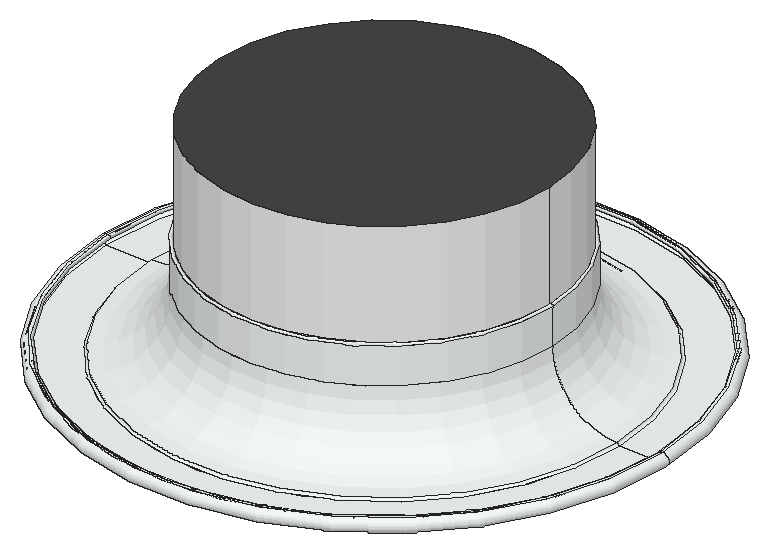
Revit family "HVAC_Ductwork_Airzone_Round-Diffuser_DFCI1", category Air Terminals, Revit 2016
Family settings
  Part Type = Normal
  Round Connector Dimension = Use Diameter
  OmniClass Number = 23.75.70.21.27.11
  OmniClass Title = Diffusers, Registers, and Grilles
  Work Plane-Based = No
  Always vertical = Yes
  Cut with Voids When Loaded = No
  Shared = No
  Room Calculation Point = Yes
Parameters (values of type "INVALID TYPE - Use Load Family and Type Catalog instead")
  c8 = -0.8079  # constant formula
  c7 = 0.01485  # constant formula
  c6 = -6.299  # constant formula
  c5 = 82.34  # constant formula
  c4 = -77.45  # constant formula
  c3 = -153.1  # constant formula
  c2 = -3.153  # constant formula
  c1 = 0.001601  # constant formula
  Velocity [instance] = (Q / (36 * Ak)) * 1.0 m/s  # 2.97619 m/s
  URL = "www.airzone.es"
  Type Image Comments = "Image available in product documentation download"  # constant formula
  Throw Distance [instance] = round((c7 * (Ak ^ c8) * Q) * 1000) * 1.000 mm  # 1697.000 mm
  Sound Level in dB(A) [instance] = round((c3 + (c4 * log(Ak))) + ((c5 + (c6 * log(Ak))) * log(Q)))  # 13
  Revit Model Version = "1.0"  # constant formula
  Q [instance] = Flow / 1 m³/h  # 150
  Product Documentation Download URL = "http://doc.airzone.es/BIM/AirQ/Airzone_DFCI.zip"
  Product Comments = "Refer to technical documentation for further details"  # constant formula
  Product Code = "INVALID – Type not loaded via type catalog"
  Pressure Drop [instance] = ((c1 * (Ak ^ c2)) * (Q ^ 2)) * 1.0 Pa  # 12.469 Pa
  Neck Length = 45.400 mm
  Min Flow = 150 m³/h
  Max Flow = 1500 m³/h
  Main Material = Metal - AIRZONE - Extruded Aluminium - White (RAL 9010)
  Long Description = "Round diffuser DFCI to supply air in 4 directions that enables the air supply. Easy to disassemble to facilitate its maintenance. Designed to be installed in ceiling."  # constant formula
  Flow [instance] = 150 m³/h
  Model = Product Code  # "INVALID – Type not loaded via type catalog"
  Type Image = <None>
  Manufacturer = "AIRZONE"  # constant formula
  Fixing = "Security mechanical attachment. Mounting bracket"  # constant formula
  Finish = "White (RAL 9010)"
  Effective Area = Ak * 100.00 cm²  # 140.00 cm²
  Duct Diameter = 150 mm
  Disclaimer = "All information provided in this model is reviewed before being published. However, Airzone cannot guarantee this model is error-free, therefore users are strongly encouraged to check for technical documentation and updates"  # constant formula
  Description = "Round diffuser"  # constant formula
  Type Comments = ""
  Compatible Accesories = "Insulated flexible duct (TFTA) and non-insulated flexible duct (TFST)"  # constant formula
  Ak = 1.4
  Accessories Material = Metal - AIRZONE - Aluminium - Brushed
Reference planes
  plane 1 "Center (Front/Back)": y = 0
  plane 2 "Center (Elevation)": z = 0
  plane 3 "Center (Left/Right)": x = 0
  plane 4 "Neck Extrusion Base": z = 41.2
  plane 5 "Connector": z = 86.6
Dimensions and locks
  locked: plane 4 "Neck Extrusion Base" to level at 41.2
  "Neck Length": plane 5 "Connector" to plane 4 "Neck Extrusion Base"
  aligned and locked: level to plane 2 "Center (Elevation)"
  aligned and locked: level to nested 1
  aligned and locked: plane 3 "Center (Left/Right)" to nested 1
  aligned and locked: plane 1 "Center (Front/Back)" to nested 1
  aligned and locked: plane 4 "Neck Extrusion Base" to nested 2
  aligned and locked: nested 2 to plane 3 "Center (Left/Right)"
  aligned and locked: nested 2 to plane 1 "Center (Front/Back)"
Nested families
  nested 1: "DFCI_Diffuser" at (0, 0, 0), Material <- "Main Material", Duct Diameter <- "Duct Diameter", type "Standard"
    with Neck Diameter 148.000 mm, Material Metal - AIRZONE - Extruded Aluminium - White (RAL 9010), Duct Diameter 150.000 mm, Diffuser Diameter 250.000 mm, 350 no, 300 no, 250 no, 200 no
  nested 2: "DFCI_Neck" at (0, 0, 41.2) x (-1, 0, 0) z (0, 0, 1), Material <- "Accessories Material", Duct Diameter <- "Duct Diameter", Neck Length <- "Neck Length", type "Standard"
    with Neck Length 45.400 mm, Neck Diameter 145.000 mm, Material Metal - AIRZONE - Aluminium - Brushed, Duct Diameter 150.000 mm
Connectors
  hvac at (0, 0, 86.6), driven by "Pressure Drop", driven by "Flow", driven by "Duct Diameter"
    settings: index 1, duct flow 150 m³/h, flow factor 0, pres drop 12.469 Pa, loss coef 0, conn angle 0.00°, conn width 304.8 mm, conn height 304.8 mm, conn diameter 150 mm, duct sys type 1, conn prof type 0, flow config 1, flow direction 1, loss method 4, conn ref index -1, conn util no, is conn primary yes, conn desc "Supply Air"
Definition of nested family "DFCI_Diffuser"
  Parameters (values of type "Standard")
    URL = "www.airzone.es"
    Revit Model Version = "1.0"  # constant formula
    Revit Model Author URL = "www.a3d.es"
    Revit Model Author = "A3D Consulting"  # constant formula
    Neck Diameter [instance] = Duct Diameter - 2.000 mm  # 348.000 mm
    Material [instance] = none
    Manufacturer = "Airzone"  # constant formula
    Duct Diameter [instance] = 350.000 mm
    Diffuser Diameter [instance] = Duct Diameter + 100.000 mm  # 450.000 mm
    Default Elevation = 0.000 mm
    350 [instance] = not(Duct Diameter < 350.000 mm)  # yes
    300 [instance] = not(Duct Diameter < 300.000 mm)  # yes
    250 [instance] = not(Duct Diameter < 250.000 mm)  # yes
    200 [instance] = not(Duct Diameter < 200.000 mm)  # yes
  Reference planes
    plane 1 "Centro (Frontal/Posterior)": y = 0
    plane 2: z = 0
    plane 3 "Centro (Izquierda/Derecha)": x = 0
    plane 4: x = -225
    plane 5: x = 225
    plane 6: x = -174
    plane 7: x = 174
    plane 8 "Superior": z = 41.2
    plane 9 "Inferior": z = -5.5
    plane 10: z = 24.5
  Forms (mm)
    Revolve 1, solid, material <- "Material", detail levels coarse+medium
      sketch origin (0, 0, 0) x (1, 0, 0) y (0, 0, 1)
        loop
          line (0, 41.2) -> (0, -5.5) -> (225, -5.5) -> (225, 0) -> (220.6, 0) -> (220.6, -3.2) -> (201.65, -3.2)
          arc (201.65, -3.2) -> (182.098, 4.898) -> (174, 24.45) r 27.65
          line (174, 24.45) -> (174, 41.2) -> (0, 41.2)
        axis (0, 41.2) -> (0, -5.5)
      angle from 0 to 360
    Revolve 2, solid, material <- "Material", detail levels fine
      sketch origin (0, 0, 0) x (1, 0, 0) y (0, 0, 1)
        loop
          arc (222.25, -5.5) -> (225, -2.75) -> (222.25, 0) r 2.75
          line (222.25, 0) -> (221.25, 0)
          arc (221.25, 0) -> (220.6, -0.65) -> (221.25, -1.3) r 0.65
          line (221.25, -1.3) -> (222.25, -1.3)
          arc (222.25, -1.3) -> (223.7, -2.75) -> (222.25, -4.199) r 1.45
          line (222.25, -4.199) -> (203.3, -4.199)
          arc (203.3, -4.199) -> (202.592, -3.906) -> (202.299, -3.198) r 1.001
          arc (202.299, -3.198) -> (182.174, 4.815) -> (174, 24.876) r 27.653
          line (174, 24.876) -> (174, 40.5)
          arc (174, 40.5) -> (173.35, 41.15) -> (172.7, 40.5) r 0.65
          line (172.7, 40.5) -> (172.7, 24.45)
          arc (172.7, 24.45) -> (180.623, 4.551) -> (200.055, -4.456) r 28.95
          arc (200.055, -4.456) -> (200.443, -4.558) -> (200.759, -4.803) r 1
          arc (200.759, -4.803) -> (201.441, -5.318) -> (202.276, -5.5) r 2
          line (202.276, -5.5) -> (222.25, -5.5)
        axis (0, 40.5) -> (0, -5.5)
      angle from 0 to 360
    Revolve 3, solid, material <- "Material", detail levels fine
      sketch origin (0, 0, 0) x (1, 0, 0) y (0, 0, 1)
        loop
          arc (11.4, 18.063) -> (19.286, 1.314) -> (36.5, -5.5) r 25.15
          line (36.5, -5.5) -> (41.27, -5.5)
          arc (41.27, -5.5) -> (43.67, -3.1) -> (41.27, -0.7) r 2.4
          line (41.27, -0.7) -> (40.27, -0.7)
          arc (40.27, -0.7) -> (39.62, -1.35) -> (40.27, -2) r 0.65
          line (40.27, -2) -> (41.27, -2)
          arc (41.27, -2) -> (42.37, -3.1) -> (41.27, -4.2) r 1.1
          line (41.27, -4.2) -> (36.5, -4.2)
          arc (36.5, -4.2) -> (20.176, 2.262) -> (12.698, 18.145) r 23.85
          arc (12.698, 18.145) -> (11.976, 19.677) -> (10.402, 20.3) r 2.3
          line (10.402, 20.3) -> (0, 20.3) -> (0, 14.36) -> (5.851, 14.36)
          arc (5.851, 14.36) -> (6.54, 14.635) -> (6.85, 15.31) r 1
          line (6.85, 15.31) -> (6.85, 19) -> (10.402, 19)
          arc (10.402, 19) -> (11.087, 18.729) -> (11.4, 18.063) r 1
        axis (0, 20.3) -> (0, -5.5)
      angle from 0 to 360
    Revolve 4, solid, material <- "Material", detail levels fine
      sketch origin (0, 0, 0) x (1, 0, 0) y (0, 0, 1)
        loop
          arc (68.5, -4.2) -> (52.176, 2.262) -> (44.698, 18.145) r 23.85
          arc (44.698, 18.145) -> (43.976, 19.677) -> (42.402, 20.3) r 2.3
          line (42.402, 20.3) -> (40, 20.3)
          arc (40, 20.3) -> (39.35, 19.65) -> (40, 19) r 0.65
          line (40, 19) -> (42.402, 19)
          arc (42.402, 19) -> (43.087, 18.729) -> (43.4, 18.063) r 1
          arc (43.4, 18.063) -> (51.286, 1.314) -> (68.5, -5.5) r 25.15
          line (68.5, -5.5) -> (73.27, -5.5)
          arc (73.27, -5.5) -> (75.67, -3.1) -> (73.27, -0.7) r 2.4
          line (73.27, -0.7) -> (72.27, -0.7)
          arc (72.27, -0.7) -> (71.62, -1.35) -> (72.27, -2) r 0.65
          line (72.27, -2) -> (73.27, -2)
          arc (73.27, -2) -> (74.37, -3.1) -> (73.27, -4.2) r 1.1
          line (73.27, -4.2) -> (68.5, -4.2)
        axis (0, 20.3) -> (0, -5.5)
      angle from 0 to 360
    Revolve 5, solid, material <- "Material", visible <- "200", detail levels fine
      sketch origin (0, 0, 0) x (1, 0, 0) y (0, 0, 1)
        loop
          arc (98.5, -4.2) -> (82.176, 2.262) -> (74.698, 18.145) r 23.85
          arc (74.698, 18.145) -> (73.976, 19.677) -> (72.402, 20.3) r 2.3
          line (72.402, 20.3) -> (70, 20.3)
          arc (70, 20.3) -> (69.35, 19.65) -> (70, 19) r 0.65
          line (70, 19) -> (72.402, 19)
          arc (72.402, 19) -> (73.087, 18.729) -> (73.4, 18.063) r 1
          arc (73.4, 18.063) -> (81.286, 1.314) -> (98.5, -5.5) r 25.15
          line (98.5, -5.5) -> (103.27, -5.5)
          arc (103.27, -5.5) -> (105.67, -3.1) -> (103.27, -0.7) r 2.4
          line (103.27, -0.7) -> (102.27, -0.7)
          arc (102.27, -0.7) -> (101.62, -1.35) -> (102.27, -2) r 0.65
          line (102.27, -2) -> (103.27, -2)
          arc (103.27, -2) -> (104.37, -3.1) -> (103.27, -4.2) r 1.1
          line (103.27, -4.2) -> (98.5, -4.2)
        axis (0, 20.3) -> (0, -5.5)
      angle from 0 to 360
    Revolve 6, solid, material <- "Material", visible <- "250", detail levels fine
      sketch origin (0, 0, 0) x (1, 0, 0) y (0, 0, 1)
        loop
          arc (123.5, -4.2) -> (107.176, 2.262) -> (99.698, 18.145) r 23.85
          arc (99.698, 18.145) -> (98.976, 19.677) -> (97.402, 20.3) r 2.3
          line (97.402, 20.3) -> (95, 20.3)
          arc (95, 20.3) -> (94.35, 19.65) -> (95, 19) r 0.65
          line (95, 19) -> (97.402, 19)
          arc (97.402, 19) -> (98.087, 18.729) -> (98.4, 18.063) r 1
          arc (98.4, 18.063) -> (106.286, 1.314) -> (123.5, -5.5) r 25.15
          line (123.5, -5.5) -> (128.27, -5.5)
          arc (128.27, -5.5) -> (130.67, -3.1) -> (128.27, -0.7) r 2.4
          line (128.27, -0.7) -> (127.27, -0.7)
          arc (127.27, -0.7) -> (126.62, -1.35) -> (127.27, -2) r 0.65
          line (127.27, -2) -> (128.27, -2)
          arc (128.27, -2) -> (129.37, -3.1) -> (128.27, -4.2) r 1.1
          line (128.27, -4.2) -> (123.5, -4.2)
        axis (0, 20.3) -> (0, -5.5)
      angle from 0 to 360
    Revolve 7, solid, material <- "Material", visible <- "300", detail levels fine
      sketch origin (0, 0, 0) x (1, 0, 0) y (0, 0, 1)
        loop
          arc (148.5, -4.2) -> (132.176, 2.262) -> (124.698, 18.145) r 23.85
          arc (124.698, 18.145) -> (123.976, 19.677) -> (122.402, 20.3) r 2.3
          line (122.402, 20.3) -> (120, 20.3)
          arc (120, 20.3) -> (119.35, 19.65) -> (120, 19) r 0.65
          line (120, 19) -> (122.402, 19)
          arc (122.402, 19) -> (123.087, 18.729) -> (123.4, 18.063) r 1
          arc (123.4, 18.063) -> (131.286, 1.314) -> (148.5, -5.5) r 25.15
          line (148.5, -5.5) -> (153.27, -5.5)
          arc (153.27, -5.5) -> (155.67, -3.1) -> (153.27, -0.7) r 2.4
          line (153.27, -0.7) -> (152.27, -0.7)
          arc (152.27, -0.7) -> (151.62, -1.35) -> (152.27, -2) r 0.65
          line (152.27, -2) -> (153.27, -2)
          arc (153.27, -2) -> (154.37, -3.1) -> (153.27, -4.2) r 1.1
          line (153.27, -4.2) -> (148.5, -4.2)
        axis (0, 20.3) -> (0, -5.5)
      angle from 0 to 360
    Revolve 8, solid, material <- "Material", visible <- "350", detail levels fine
      sketch origin (0, 0, 0) x (1, 0, 0) y (0, 0, 1)
        loop
          arc (173.5, -4.2) -> (157.176, 2.262) -> (149.698, 18.145) r 23.85
          arc (149.698, 18.145) -> (148.976, 19.677) -> (147.402, 20.3) r 2.3
          line (147.402, 20.3) -> (145, 20.3)
          arc (145, 20.3) -> (144.35, 19.65) -> (145, 19) r 0.65
          line (145, 19) -> (147.402, 19)
          arc (147.402, 19) -> (148.087, 18.729) -> (148.4, 18.063) r 1
          arc (148.4, 18.063) -> (156.286, 1.314) -> (173.5, -5.5) r 25.15
          line (173.5, -5.5) -> (178.27, -5.5)
          arc (178.27, -5.5) -> (180.67, -3.1) -> (178.27, -0.7) r 2.4
          line (178.27, -0.7) -> (177.27, -0.7)
          arc (177.27, -0.7) -> (176.62, -1.35) -> (177.27, -2) r 0.65
          line (177.27, -2) -> (178.27, -2)
          arc (178.27, -2) -> (179.37, -3.1) -> (178.27, -4.2) r 1.1
          line (178.27, -4.2) -> (173.5, -4.2)
        axis (0, 20.3) -> (0, -5.5)
      angle from 0 to 360
  Lines and regions (mm)
    Masking region 1
      outline origin (0, 0, -5.5) x (0, -1, 0) y (1, 0, 0)
        loop
          circle (0, 0) r 225
    model lines, detail levels medium
      curve 1: circle (0, 0, -5.5) r 43.7 normal (0, 0, -1)
      curve 2: circle (0, 0, -5.5) r 75.7 normal (0, 0, -1)
      curve 3: circle (0, 0, -5.5) r 105.7 normal (0, 0, -1)
    model lines, visible <- "200", detail levels medium
      curve 4: circle (0, 0, -5.5) r 130.7 normal (0, 0, -1)
    model lines, visible <- "250", detail levels medium
      curve 5: circle (0, 0, -5.5) r 155.7 normal (0, 0, -1)
    model lines, visible <- "300", detail levels medium
      curve 6: circle (0, 0, -5.5) r 180.7 normal (0, 0, -1)
    model lines, visible <- "350", detail levels medium
      curve 7: circle (0, 0, -5.5) r 205.7 normal (0, 0, -1)
    symbolic lines, detail levels medium+fine
      curve 8: circle (0, 0, -5.5) r 43.7 normal (0, 0, -1)
      curve 9: circle (0, 0, -5.5) r 75.7 normal (0, 0, -1)
      curve 10: circle (0, 0, -5.5) r 105.7 normal (0, 0, -1)
    symbolic lines, visible <- "200", detail levels medium+fine
      curve 11: circle (0, 0, -5.5) r 130.7 normal (0, 0, -1)
    symbolic lines, visible <- "250", detail levels medium+fine
      curve 12: circle (0, 0, -5.5) r 155.7 normal (0, 0, -1)
    symbolic lines, visible <- "300", detail levels medium+fine
      curve 13: circle (0, 0, -5.5) r 180.7 normal (0, 0, -1)
    symbolic lines, visible <- "350", detail levels medium+fine
      curve 14: circle (0, 0, -5.5) r 205.7 normal (0, 0, -1)
  Dimensions and locks
    equal spacing: plane 4, plane 3 "Centro (Izquierda/Derecha)", plane 5
    "Diffuser Diameter": plane 4 to plane 5
    equal spacing: plane 6, plane 3 "Centro (Izquierda/Derecha)", plane 7
    "Neck Diameter": plane 6 to plane 7
    locked: plane 8 "Superior" to plane 9 "Inferior" at 46.7
    locked: level to plane 9 "Inferior" at 5.5
    locked: plane 5 to Revolve 1 sketch curve at 4.4
    locked: Revolve 1 sketch curve to plane 9 "Inferior" at 2.3
    locked: plane 8 "Superior" to plane 10 at 16.7
    "Diffuser Diameter": diameter of Masking region 1 sketch curve
    aligned and locked: level to plane 2
    aligned and locked: Revolve 1 sketch curve to plane 3 "Centro (Izquierda/Derecha)"  (x2)
    aligned and locked: plane 5 to Revolve 1 sketch curve
    aligned and locked: level to Revolve 1 sketch curve
    aligned and locked: plane 9 "Inferior" to Revolve 1 sketch curve
    aligned and locked: plane 8 "Superior" to Revolve 1 sketch curve
    aligned and locked: plane 7 to Revolve 1 sketch curve
    aligned and locked: plane 3 "Centro (Izquierda/Derecha)" to curve 1
    aligned and locked: plane 1 "Centro (Frontal/Posterior)" to curve 1
    aligned and locked: plane 3 "Centro (Izquierda/Derecha)" to curve 2
    aligned and locked: plane 1 "Centro (Frontal/Posterior)" to curve 2
    aligned and locked: plane 3 "Centro (Izquierda/Derecha)" to curve 3
    aligned and locked: plane 1 "Centro (Frontal/Posterior)" to curve 3
    aligned and locked: plane 3 "Centro (Izquierda/Derecha)" to curve 4
    aligned and locked: plane 1 "Centro (Frontal/Posterior)" to curve 4
    aligned and locked: plane 3 "Centro (Izquierda/Derecha)" to curve 5
    aligned and locked: plane 1 "Centro (Frontal/Posterior)" to curve 5
    aligned and locked: plane 3 "Centro (Izquierda/Derecha)" to curve 6
    aligned and locked: plane 1 "Centro (Frontal/Posterior)" to curve 6
    aligned and locked: plane 3 "Centro (Izquierda/Derecha)" to curve 7
    aligned and locked: plane 1 "Centro (Frontal/Posterior)" to curve 7
    aligned and locked: Revolve 3 sketch curve to plane 3 "Centro (Izquierda/Derecha)"
    aligned and locked: Revolve 4 sketch curve to plane 3 "Centro (Izquierda/Derecha)"
    aligned and locked: Revolve 5 sketch curve to plane 3 "Centro (Izquierda/Derecha)"
    aligned and locked: Revolve 6 sketch curve to plane 3 "Centro (Izquierda/Derecha)"
    aligned and locked: Revolve 7 sketch curve to plane 3 "Centro (Izquierda/Derecha)"
    aligned and locked: Revolve 8 sketch curve to plane 3 "Centro (Izquierda/Derecha)"
    aligned and locked: plane 3 "Centro (Izquierda/Derecha)" to Masking region 1 sketch curve
    aligned and locked: plane 1 "Centro (Frontal/Posterior)" to Masking region 1 sketch curve
  Automatic sketch dimensions
    Revolve 1 sketch curve to Revolve 1 sketch curve = 1695.315 mm
    plane 10 to Revolve 1 sketch curve = 0.050 mm
    plane 8 "Superior" to Revolve 1 sketch curve = 1748.569 mm
    Revolve 2 sketch curve to plane 7 = 0.000 mm
    Revolve 2 sketch curve to plane 9 "Inferior" = 0.000 mm
    Revolve 2 sketch curve to level = 0.000 mm
    Revolve 2 sketch curve to plane 9 "Inferior" = 0.045 mm
    Revolve 2 sketch curve to Revolve 2 sketch curve = 1.301 mm
    Revolve 2 sketch curve to Revolve 2 sketch curve = 0.699 mm
    Revolve 2 sketch curve to Revolve 2 sketch curve = 1.001 mm
    Revolve 2 sketch curve to Revolve 2 sketch curve = 0.000 mm  (x4)
    Revolve 2 sketch curve to plane 8 "Superior" = 16.753 mm
    Revolve 2 sketch curve to Revolve 2 sketch curve = 0.003 mm
    Revolve 2 sketch curve to plane 8 "Superior" = 0.700 mm
    plane 9 "Inferior" to Revolve 2 sketch curve = 1695.315 mm
    plane 8 "Superior" to Revolve 2 sketch curve = 1748.569 mm
    level to Revolve 3 sketch curve = 18.000 mm
    level to Revolve 3 sketch curve = 19.650 mm
    Revolve 3 sketch curve to Revolve 3 sketch curve = 0.000 mm  (x8)
    plane 3 "Centro (Izquierda/Derecha)" to Revolve 3 sketch curve = 6.850 mm
    Revolve 3 sketch curve to Revolve 3 sketch curve = 3.552 mm
    Revolve 3 sketch curve to Revolve 3 sketch curve = 3.690 mm
    Revolve 3 sketch curve to Revolve 3 sketch curve = 0.999 mm
    Revolve 3 sketch curve to Revolve 3 sketch curve = 0.950 mm
    Revolve 3 sketch curve to Revolve 3 sketch curve = 1.297 mm
    Revolve 3 sketch curve to Revolve 3 sketch curve = 3.770 mm
    Revolve 3 sketch curve to Revolve 3 sketch curve = 0.650 mm
    Revolve 3 sketch curve to Revolve 3 sketch curve = 1.000 mm
    Revolve 3 sketch curve to level = 0.700 mm
    Revolve 3 sketch curve to plane 3 "Centro (Izquierda/Derecha)" = 0.000 mm
    Revolve 3 sketch curve to plane 9 "Inferior" = 0.000 mm
    plane 9 "Inferior" to Revolve 3 sketch curve = 1695.315 mm
    plane 8 "Superior" to Revolve 3 sketch curve = 1748.569 mm
    Revolve 4 sketch curve to Revolve 4 sketch curve = 0.000 mm  (x7)
    Revolve 4 sketch curve to plane 9 "Inferior" = 0.000 mm
    level to Revolve 4 sketch curve = 18.000 mm
    plane 3 "Centro (Izquierda/Derecha)" to Revolve 4 sketch curve = 42.402 mm
    level to Revolve 4 sketch curve = 19.650 mm
    Revolve 4 sketch curve to Revolve 4 sketch curve = 1.297 mm
    Revolve 4 sketch curve to Revolve 4 sketch curve = 2.402 mm
    Revolve 4 sketch curve to Revolve 4 sketch curve = 0.650 mm  (x2)
    Revolve 4 sketch curve to Revolve 4 sketch curve = 4.770 mm
    Revolve 4 sketch curve to Revolve 4 sketch curve = 1.100 mm
    Revolve 4 sketch curve to Revolve 4 sketch curve = 1.000 mm
    plane 9 "Inferior" to Revolve 4 sketch curve = 1695.315 mm
    plane 8 "Superior" to Revolve 4 sketch curve = 1748.569 mm
    Revolve 5 sketch curve to Revolve 5 sketch curve = 0.000 mm  (x6)
    Revolve 5 sketch curve to plane 9 "Inferior" = 0.000 mm
    level to Revolve 5 sketch curve = 20.300 mm
    plane 3 "Centro (Izquierda/Derecha)" to Revolve 5 sketch curve = 70.000 mm
    Revolve 5 sketch curve to Revolve 5 sketch curve = 2.402 mm
    Revolve 5 sketch curve to Revolve 5 sketch curve = 26.098 mm
    Revolve 5 sketch curve to level = 2.000 mm
    Revolve 5 sketch curve to Revolve 5 sketch curve = 3.770 mm
    Revolve 5 sketch curve to Revolve 5 sketch curve = 1.000 mm  (x2)
    Revolve 5 sketch curve to Revolve 5 sketch curve = 1.300 mm
    Revolve 5 sketch curve to Revolve 5 sketch curve = 2.300 mm
    level to Revolve 5 sketch curve = 19.650 mm
    plane 9 "Inferior" to Revolve 5 sketch curve = 1695.315 mm
    plane 8 "Superior" to Revolve 5 sketch curve = 1748.569 mm
    Revolve 6 sketch curve to Revolve 6 sketch curve = 0.000 mm  (x6)
    Revolve 6 sketch curve to plane 9 "Inferior" = 0.000 mm
    level to Revolve 6 sketch curve = 20.300 mm
    plane 3 "Centro (Izquierda/Derecha)" to Revolve 6 sketch curve = 95.000 mm
    Revolve 6 sketch curve to Revolve 6 sketch curve = 2.402 mm
    Revolve 6 sketch curve to Revolve 6 sketch curve = 26.098 mm
    Revolve 6 sketch curve to level = 2.000 mm
    Revolve 6 sketch curve to Revolve 6 sketch curve = 3.770 mm
    Revolve 6 sketch curve to Revolve 6 sketch curve = 1.000 mm  (x2)
    Revolve 6 sketch curve to Revolve 6 sketch curve = 1.300 mm
    Revolve 6 sketch curve to Revolve 6 sketch curve = 2.300 mm
    level to Revolve 6 sketch curve = 19.650 mm
    plane 9 "Inferior" to Revolve 6 sketch curve = 1695.315 mm
    plane 8 "Superior" to Revolve 6 sketch curve = 1748.569 mm
    Revolve 7 sketch curve to Revolve 7 sketch curve = 0.000 mm  (x6)
    Revolve 7 sketch curve to plane 9 "Inferior" = 0.000 mm
    level to Revolve 7 sketch curve = 20.300 mm
    plane 3 "Centro (Izquierda/Derecha)" to Revolve 7 sketch curve = 120.000 mm
    Revolve 7 sketch curve to Revolve 7 sketch curve = 2.402 mm
    Revolve 7 sketch curve to Revolve 7 sketch curve = 26.098 mm
    Revolve 7 sketch curve to level = 2.000 mm
    Revolve 7 sketch curve to Revolve 7 sketch curve = 3.770 mm
    Revolve 7 sketch curve to Revolve 7 sketch curve = 1.000 mm  (x2)
    Revolve 7 sketch curve to Revolve 7 sketch curve = 1.300 mm
    Revolve 7 sketch curve to Revolve 7 sketch curve = 2.300 mm
    level to Revolve 7 sketch curve = 19.650 mm
    plane 9 "Inferior" to Revolve 7 sketch curve = 1695.315 mm
    plane 8 "Superior" to Revolve 7 sketch curve = 1748.569 mm
    Revolve 8 sketch curve to Revolve 8 sketch curve = 0.000 mm  (x6)
    Revolve 8 sketch curve to plane 9 "Inferior" = 0.000 mm
    level to Revolve 8 sketch curve = 20.300 mm
    plane 3 "Centro (Izquierda/Derecha)" to Revolve 8 sketch curve = 145.000 mm
    Revolve 8 sketch curve to Revolve 8 sketch curve = 2.402 mm
    Revolve 8 sketch curve to Revolve 8 sketch curve = 26.098 mm
    Revolve 8 sketch curve to level = 2.000 mm
    Revolve 8 sketch curve to Revolve 8 sketch curve = 3.770 mm
    Revolve 8 sketch curve to Revolve 8 sketch curve = 1.000 mm  (x2)
    Revolve 8 sketch curve to Revolve 8 sketch curve = 1.300 mm
    Revolve 8 sketch curve to Revolve 8 sketch curve = 2.300 mm
    level to Revolve 8 sketch curve = 19.650 mm
    plane 9 "Inferior" to Revolve 8 sketch curve = 1695.315 mm
    plane 8 "Superior" to Revolve 8 sketch curve = 1748.569 mm
    Revolve 2 sketch curve to Revolve 2 sketch curve = 21.250 mm
    Revolve 2 sketch curve to Revolve 2 sketch curve = 2.276 mm
    Revolve 2 sketch curve to Revolve 2 sketch curve = 1.024 mm
    Revolve 2 sketch curve to plane 7 = 1.300 mm
    Revolve 2 sketch curve to plane 5 = 25.000 mm
    Revolve 2 sketch curve to Revolve 2 sketch curve = 27.650 mm
    Revolve 2 sketch curve to Revolve 2 sketch curve = 1.000 mm
    Revolve 2 sketch curve to plane 3 "Centro (Izquierda/Derecha)" = 0.000 mm
    curve 1 to curve 8 = 0.000 mm  (x2)
    curve 1 to curve 9 = 0.000 mm  (x2)
    curve 1 to curve 10 = 0.000 mm  (x2)
    curve 1 to curve 11 = 0.000 mm  (x2)
    curve 1 to curve 12 = 0.000 mm  (x2)
    curve 1 to curve 13 = 0.000 mm  (x2)
    curve 1 to curve 14 = 0.000 mm  (x2)
    radius of curve 1 = 43.700 mm
    radius of curve 2 = 75.700 mm
    radius of curve 3 = 105.700 mm
    radius of curve 4 = 130.700 mm
    radius of curve 5 = 155.700 mm
    radius of curve 6 = 180.700 mm
    radius of curve 7 = 205.700 mm
    radius of curve 8 = 43.700 mm
    radius of curve 9 = 75.700 mm
    radius of curve 10 = 105.700 mm
    radius of curve 11 = 130.700 mm
    radius of curve 12 = 155.700 mm
    radius of curve 13 = 180.700 mm
    radius of curve 14 = 205.700 mm
Definition of nested family "DFCI_Neck"
  Parameters (values of type "Standard")
    URL = "www.airzone.es"
    Revit Model Version = "1.0"  # constant formula
    Revit Model Author URL = "www.a3d.es"
    Revit Model Author = "A3D Consulting"  # constant formula
    Neck Length [instance] = 86.600 mm
    Neck Diameter [instance] = Duct Diameter - 5.000 mm  # 145.000 mm
    Material [instance] = none
    Manufacturer = "Airzone"  # constant formula
    Duct Diameter [instance] = 150.000 mm
    Default Elevation = 0.000 mm
  Reference planes
    plane 1 "Centro (Frontal/Posterior)": y = 0
    plane 2: z = 0
    plane 3 "Centro (Izquierda/Derecha)": x = 0
    plane 4: x = -72.5
    plane 5: x = 72.5
    plane 6 "Superior": z = 86.6
  Forms (mm)
    Extrusion 1, solid, material <- "Material"
      sketch origin (0, 0, 0) x (1, 0, 0) y (0, 1, 0)
        loop
          circle (0, 0) r 72.5
      from 0 to 86.6
  Dimensions and locks
    equal spacing: plane 4, plane 3 "Centro (Izquierda/Derecha)", plane 5
    "Neck Diameter": plane 4 to plane 5
    "Neck Length": plane 6 "Superior" to level
    "Neck Diameter": diameter of Extrusion 1 sketch curve
    aligned and locked: level to plane 2
    aligned and locked: plane 6 "Superior" to Extrusion 1
    aligned and locked: Extrusion 1 to level
  Automatic sketch dimensions
    plane 1 "Centro (Frontal/Posterior)" to Extrusion 1 sketch curve = 0.000 mm
    Extrusion 1 sketch curve to plane 3 "Centro (Izquierda/Derecha)" = 0.000 mm
